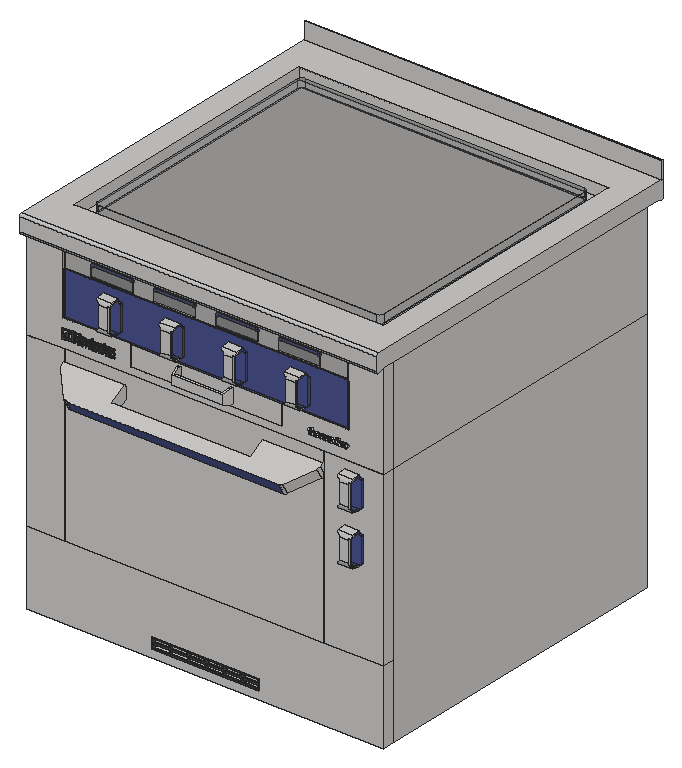
Revit family "QF_ELECTROLUXPROFESSIONAL_588418_MALLFBH8AO", category Attrezzature speciali, Revit 2020 (continued)
Definition of nested family "Front_Panel_W800_Four Knobs"
  Definition of nested family "ELX_Professional_Logo_Small"
    Forms (mm)
      Extrusion 2, solid, material <- "Material_Logo"
        sketch origin (15.5, 0, 0) x (1, 0, 0) y (0, 1, 0)
          loop
            spline (-26.936, -1.713) -> (-27.384, -1.691) -> (-27.805, -1.625) -> (-28.196, -1.518) -> (-28.556, -1.372) -> (-28.882, -1.187) -> (-29.174, -0.966) -> (-29.429, -0.71) -> (-29.645, -0.422) -> (-29.821, -0.102) -> (-29.955, 0.247) -> (-30.045, 0.623) -> (-30.089, 1.026)
            line (-30.089, 1.026) -> (-21.956, 1.026) -> (-21.915, 1.897)
          loop
            spline (-24.446, 2.769) -> (-24.47, 3.075) -> (-24.54, 3.37) -> (-24.654, 3.65) -> (-24.807, 3.913) -> (-24.996, 4.156) -> (-25.219, 4.376) -> (-25.472, 4.57) -> (-25.753, 4.736) -> (-26.057, 4.869) -> (-26.382, 4.968) -> (-26.724, 5.03) -> (-27.081, 5.051)
            spline (-27.081, 5.051) -> (-27.464, 5.03) -> (-27.832, 4.97) -> (-28.183, 4.872) -> (-28.513, 4.74) -> (-28.819, 4.577) -> (-29.099, 4.384) -> (-29.347, 4.165) -> (-29.563, 3.923) -> (-29.742, 3.659) -> (-29.881, 3.377) -> (-29.977, 3.079) -> (-30.027, 2.769)
            line (-30.027, 2.769) -> (-24.446, 2.769)
          loop
            spline (-18.167, 1.669) -> (-18.138, 2.13) -> (-18.055, 2.567) -> (-17.921, 2.978) -> (-17.739, 3.358) -> (-17.512, 3.705) -> (-17.243, 4.016) -> (-16.937, 4.287) -> (-16.596, 4.517) -> (-16.223, 4.7) -> (-15.823, 4.835) -> (-15.398, 4.919) -> (-14.951, 4.947)
            spline (-14.951, 4.947) -> (-14.677, 4.938) -> (-14.414, 4.913) -> (-14.162, 4.871) -> (-13.921, 4.812) -> (-13.69, 4.738) -> (-13.467, 4.649) -> (-13.254, 4.544) -> (-13.048, 4.424) -> (-12.85, 4.291) -> (-12.659, 4.143) -> (-12.474, 3.981) -> (-12.295, 3.806)
            line (-12.295, 3.806) -> (-10.76, 5.403)
            spline (-10.76, 5.403) -> (-11.065, 5.709) -> (-11.38, 5.984) -> (-11.703, 6.228) -> (-12.035, 6.443) -> (-12.375, 6.63) -> (-12.723, 6.788) -> (-13.078, 6.92) -> (-13.44, 7.026) -> (-13.809, 7.107) -> (-14.184, 7.164) -> (-14.564, 7.198) -> (-14.951, 7.209)
            spline (-14.951, 7.209) -> (-15.725, 7.161) -> (-16.467, 7.02) -> (-17.169, 6.792) -> (-17.826, 6.482) -> (-18.43, 6.096) -> (-18.976, 5.637) -> (-19.455, 5.112) -> (-19.862, 4.525) -> (-20.19, 3.882) -> (-20.433, 3.189) -> (-20.584, 2.449) -> (-20.635, 1.669)
            spline (-20.635, 1.669) -> (-20.584, 0.889) -> (-20.433, 0.149) -> (-20.19, -0.545) -> (-19.862, -1.187) -> (-19.455, -1.774) -> (-18.976, -2.299) -> (-18.43, -2.758) -> (-17.826, -3.145) -> (-17.169, -3.454) -> (-16.467, -3.682) -> (-15.725, -3.823) -> (-14.951, -3.871)
            spline (-14.951, -3.871) -> (-14.564, -3.86) -> (-14.184, -3.826) -> (-13.809, -3.77) -> (-13.44, -3.689) -> (-13.078, -3.583) -> (-12.723, -3.451) -> (-12.375, -3.292) -> (-12.035, -3.105) -> (-11.703, -2.89) -> (-11.38, -2.646) -> (-11.065, -2.371) -> (-10.76, -2.066)
            line (-10.76, -2.066) -> (-12.295, -0.468)
            spline (-12.295, -0.468) -> (-12.474, -0.643) -> (-12.659, -0.805) -> (-12.85, -0.953) -> (-13.048, -1.087) -> (-13.254, -1.206) -> (-13.467, -1.311) -> (-13.69, -1.4) -> (-13.921, -1.475) -> (-14.162, -1.533) -> (-14.414, -1.575) -> (-14.677, -1.6) -> (-14.951, -1.609)
            spline (-14.951, -1.609) -> (-15.398, -1.581) -> (-15.823, -1.497) -> (-16.223, -1.362) -> (-16.596, -1.179) -> (-16.937, -0.95) -> (-17.243, -0.678) -> (-17.512, -0.367) -> (-17.739, -0.02) -> (-17.921, 0.36) -> (-18.055, 0.771) -> (-18.138, 1.208) -> (-18.167, 1.669)
          loop
            spline (-4.441, -1.243) -> (-4.659, -1.247) -> (-4.894, -1.23) -> (-5.137, -1.19) -> (-5.384, -1.121) -> (-5.628, -1.021) -> (-5.864, -0.884) -> (-6.084, -0.708) -> (-6.283, -0.488) -> (-6.454, -0.219) -> (-6.592, 0.101) -> (-6.69, 0.478) -> (-6.742, 0.914)
            line (-6.742, 0.914) -> (-6.742, 4.587) -> (-4.487, 4.587) -> (-4.487, 6.838) -> (-6.738, 6.838) -> (-6.738, 10.824) -> (-9.217, 10.824) -> (-9.217, 0.773)
            spline (-9.217, 0.773) -> (-9.164, 0.19) -> (-9.068, -0.358) -> (-8.928, -0.87) -> (-8.742, -1.343) -> (-8.511, -1.777) -> (-8.232, -2.168) -> (-7.904, -2.515) -> (-7.527, -2.816) -> (-7.098, -3.069) -> (-6.618, -3.273) -> (-6.084, -3.426) -> (-5.496, -3.525)
            line (-5.496, -3.525) -> (-4.45, -3.573) -> (-4.441, -1.243)
          loop
            spline (3.898, 6.983) -> (3.469, 7.009) -> (3.056, 7.001) -> (2.661, 6.961) -> (2.283, 6.888) -> (1.925, 6.785) -> (1.588, 6.652) -> (1.272, 6.49) -> (0.979, 6.301) -> (0.71, 6.085) -> (0.465, 5.844) -> (0.247, 5.578) -> (0.056, 5.289)
            line (0.056, 5.289) -> (0.056, 6.838) -> (-2.402, 6.838) -> (-2.402, -3.572) -> (0.056, -3.572) -> (0.056, 1.901)
            spline (0.056, 1.901) -> (0.079, 2.316) -> (0.145, 2.703) -> (0.254, 3.06) -> (0.404, 3.386) -> (0.592, 3.679) -> (0.818, 3.938) -> (1.08, 4.162) -> (1.375, 4.348) -> (1.703, 4.495) -> (2.062, 4.602) -> (2.45, 4.668) -> (2.865, 4.69)
            line (2.865, 4.69) -> (3.898, 4.586) -> (3.898, 6.983)
          loop
            spline (15.638, 1.633) -> (15.586, 2.396) -> (15.435, 3.124) -> (15.192, 3.81) -> (14.863, 4.449) -> (14.455, 5.034) -> (13.975, 5.56) -> (13.43, 6.021) -> (12.826, 6.411) -> (12.17, 6.724) -> (11.469, 6.955) -> (10.729, 7.098) -> (9.958, 7.147)
            spline (9.958, 7.147) -> (9.182, 7.098) -> (8.44, 6.955) -> (7.737, 6.724) -> (7.081, 6.411) -> (6.477, 6.021) -> (5.933, 5.56) -> (5.454, 5.034) -> (5.048, 4.449) -> (4.721, 3.81) -> (4.479, 3.124) -> (4.329, 2.396) -> (4.277, 1.633)
            spline (4.277, 1.633) -> (4.329, 0.869) -> (4.479, 0.141) -> (4.721, -0.544) -> (5.048, -1.183) -> (5.454, -1.768) -> (5.933, -2.294) -> (6.477, -2.755) -> (7.081, -3.145) -> (7.737, -3.459) -> (8.44, -3.69) -> (9.182, -3.833) -> (9.958, -3.882)
            spline (9.958, -3.882) -> (10.729, -3.833) -> (11.469, -3.69) -> (12.17, -3.459) -> (12.826, -3.145) -> (13.43, -2.755) -> (13.975, -2.294) -> (14.455, -1.768) -> (14.863, -1.183) -> (15.192, -0.544) -> (15.435, 0.141) -> (15.586, 0.869) -> (15.638, 1.633)
          loop
            spline (13.18, 1.633) -> (13.151, 2.083) -> (13.067, 2.513) -> (12.932, 2.918) -> (12.748, 3.296) -> (12.52, 3.642) -> (12.251, 3.954) -> (11.943, 4.227) -> (11.601, 4.459) -> (11.228, 4.645) -> (10.828, 4.782) -> (10.403, 4.867) -> (9.958, 4.896)
            spline (9.958, 4.896) -> (9.509, 4.867) -> (9.081, 4.782) -> (8.679, 4.645) -> (8.306, 4.459) -> (7.964, 4.227) -> (7.658, 3.954) -> (7.39, 3.642) -> (7.163, 3.296) -> (6.981, 2.918) -> (6.847, 2.513) -> (6.765, 2.083) -> (6.736, 1.633)
            spline (6.736, 1.633) -> (6.765, 1.182) -> (6.847, 0.753) -> (6.981, 0.347) -> (7.163, -0.031) -> (7.39, -0.377) -> (7.658, -0.689) -> (7.964, -0.962) -> (8.306, -1.193) -> (8.679, -1.38) -> (9.081, -1.517) -> (9.509, -1.602) -> (9.958, -1.631)
            spline (9.958, -1.631) -> (10.403, -1.602) -> (10.828, -1.517) -> (11.228, -1.38) -> (11.601, -1.193) -> (11.943, -0.962) -> (12.251, -0.689) -> (12.52, -0.377) -> (12.748, -0.031) -> (12.932, 0.347) -> (13.067, 0.753) -> (13.151, 1.182) -> (13.18, 1.633)
          loop
            line (17.162, 4.269) -> (17.162, -3.573) -> (19.642, -3.573) -> (19.642, 10.824) -> (17.162, 10.824) -> (17.162, 4.269)
          loop
            line (28.581, 6.838) -> (28.581, 0.786)
            spline (28.581, 0.786) -> (28.561, 0.393) -> (28.503, 0.038) -> (28.409, -0.279) -> (28.281, -0.559) -> (28.122, -0.802) -> (27.933, -1.011) -> (27.717, -1.185) -> (27.476, -1.325) -> (27.213, -1.433) -> (26.929, -1.509) -> (26.626, -1.554) -> (26.308, -1.569)
            spline (26.308, -1.569) -> (25.99, -1.554) -> (25.688, -1.509) -> (25.404, -1.434) -> (25.141, -1.326) -> (24.9, -1.187) -> (24.684, -1.014) -> (24.496, -0.807) -> (24.336, -0.565) -> (24.209, -0.288) -> (24.115, 0.026) -> (24.057, 0.376) -> (24.037, 0.765)
            line (24.037, 0.765) -> (24.037, 6.838) -> (21.537, 6.838) -> (21.537, 0.558)
            spline (21.537, 0.558) -> (21.581, -0.153) -> (21.71, -0.8) -> (21.916, -1.384) -> (22.195, -1.904) -> (22.54, -2.362) -> (22.944, -2.757) -> (23.403, -3.09) -> (23.909, -3.362) -> (24.456, -3.572) -> (25.04, -3.722) -> (25.652, -3.811) -> (26.288, -3.841)
            spline (26.288, -3.841) -> (26.929, -3.811) -> (27.547, -3.72) -> (28.135, -3.568) -> (28.687, -3.355) -> (29.197, -3.079) -> (29.66, -2.741) -> (30.068, -2.341) -> (30.415, -1.877) -> (30.696, -1.349) -> (30.905, -0.757) -> (31.034, -0.101) -> (31.079, 0.621)
            line (31.079, 0.621) -> (31.079, 6.838) -> (28.581, 6.838)
          loop
            line (40.457, -0.243) -> (38.894, 1.942) -> (40.83, 4.579) -> (42.488, 6.837) -> (39.782, 6.837) -> (37.53, 3.719) -> (35.258, 6.837) -> (32.573, 6.837) -> (34.113, 4.731) -> (36.167, 1.922) -> (34.014, -1.076) -> (32.222, -3.573) -> (34.887, -3.573) -> (37.53, 0.104) -> (40.174, -3.573) -> (42.839, -3.573) -> (40.457, -0.243)
          loop
            line (-46.121, -5.837) -> (-48.039, -5.837) -> (-48.039, -10.814) -> (-47.016, -10.814) -> (-47.016, -9.128) -> (-46.121, -9.128)
            arc (-46.121, -9.128) -> (-44.476, -7.482) -> (-46.121, -5.837) r 1.645
          loop
            line (-46.163, -6.778) -> (-47.016, -6.778) -> (-47.016, -8.187) -> (-46.163, -8.187)
            arc (-46.163, -8.187) -> (-45.458, -7.482) -> (-46.163, -6.778) r 0.704
          loop
            line (-38.313, -5.837) -> (-40.265, -5.837) -> (-40.265, -10.814) -> (-39.241, -10.814) -> (-39.241, -9.1) -> (-38.46, -9.182) -> (-37.48, -10.814) -> (-36.318, -10.814) -> (-37.513, -8.848)
            arc (-37.513, -8.848) -> (-36.888, -8.266) -> (-36.671, -7.441) r 1.536
            arc (-36.671, -7.441) -> (-37.165, -6.305) -> (-38.313, -5.837) r 1.643
          loop
            arc (-38.402, -8.166) -> (-37.707, -7.505) -> (-38.334, -6.778) r 0.696
            line (-38.334, -6.778) -> (-39.241, -6.778) -> (-39.241, -8.166) -> (-38.402, -8.166)
          loop
            circle (-29.965, -8.325) r 2.585
          loop
            circle (-29.965, -8.325) r 1.64
          loop
            line (-23.1, -5.837) -> (-23.1, -10.814) -> (-22.076, -10.814) -> (-22.076, -8.768) -> (-20.204, -8.768) -> (-20.204, -7.828) -> (-22.076, -7.828) -> (-22.076, -6.778) -> (-20.024, -6.778) -> (-20.024, -5.837) -> (-23.1, -5.837)
          loop
            line (-15.802, -5.837) -> (-15.802, -9.2)
            arc (-15.802, -9.2) -> (-15.343, -10.34) -> (-14.209, -10.814) r 1.593
            line (-14.209, -10.814) -> (-12.602, -10.814) -> (-12.602, -10.027) -> (-14.004, -10.027)
            arc (-14.004, -10.027) -> (-14.552, -9.8) -> (-14.779, -9.252) r 0.775
            line (-14.779, -9.252) -> (-14.779, -8.424) -> (-12.789, -8.424) -> (-12.789, -7.642) -> (-14.779, -7.642) -> (-14.779, -6.778) -> (-12.651, -6.778) -> (-12.651, -5.837) -> (-15.802, -5.837)
          loop
            line (-5.909, -7.143) -> (-5.173, -6.638)
            arc (-5.173, -6.638) -> (-5.855, -5.974) -> (-6.781, -5.755) r 1.782
            arc (-6.781, -5.755) -> (-7.397, -5.878) -> (-7.944, -6.189) r 1.974
            arc (-7.944, -6.189) -> (-8.202, -6.5) -> (-8.317, -6.888) r 1.013
            arc (-8.317, -6.888) -> (-8.306, -7.341) -> (-8.192, -7.78) r 1.985
            arc (-8.192, -7.78) -> (-7.749, -8.259) -> (-7.171, -8.563) r 1.928
            arc (-7.171, -8.563) -> (-6.637, -8.779) -> (-6.131, -9.056) r 5.041
            arc (-6.131, -9.056) -> (-5.934, -9.387) -> (-6.09, -9.74) r 0.42
            arc (-6.09, -9.74) -> (-6.631, -9.96) -> (-7.204, -9.845) r 1.016
            arc (-7.204, -9.845) -> (-7.625, -9.603) -> (-7.889, -9.196) r 1.033
            line (-7.889, -9.196) -> (-8.67, -9.686)
            arc (-8.67, -9.686) -> (-8.361, -10.198) -> (-7.908, -10.589) r 1.914
            arc (-7.908, -10.589) -> (-7.334, -10.834) -> (-6.714, -10.896) r 2.063
            arc (-6.714, -10.896) -> (-5.947, -10.743) -> (-5.256, -10.376) r 2.696
            arc (-5.256, -10.376) -> (-4.95, -9.565) -> (-5.108, -8.712) r 1.618
            arc (-5.108, -8.712) -> (-5.448, -8.319) -> (-5.884, -8.035) r 1.876
            arc (-5.884, -8.035) -> (-6.434, -7.789) -> (-6.999, -7.577) r 9.883
            arc (-6.999, -7.577) -> (-7.325, -7.07) -> (-6.854, -6.694) r 0.45
            arc (-6.854, -6.694) -> (-6.329, -6.809) -> (-5.909, -7.143) r 1.197
          loop
            line (1.61, -7.143) -> (2.345, -6.638)
            arc (2.345, -6.638) -> (1.663, -5.974) -> (0.737, -5.755) r 1.782
            arc (0.737, -5.755) -> (0.121, -5.878) -> (-0.425, -6.189) r 1.974
            arc (-0.425, -6.189) -> (-0.683, -6.5) -> (-0.799, -6.888) r 1.013
            arc (-0.799, -6.888) -> (-0.788, -7.341) -> (-0.674, -7.78) r 1.985
            arc (-0.674, -7.78) -> (-0.231, -8.259) -> (0.347, -8.563) r 1.928
            arc (0.347, -8.563) -> (0.881, -8.779) -> (1.387, -9.056) r 5.041
            arc (1.387, -9.056) -> (1.584, -9.387) -> (1.428, -9.74) r 0.42
            arc (1.428, -9.74) -> (0.887, -9.96) -> (0.314, -9.845) r 1.016
            arc (0.314, -9.845) -> (-0.107, -9.603) -> (-0.371, -9.196) r 1.033
            line (-0.371, -9.196) -> (-1.152, -9.686)
            arc (-1.152, -9.686) -> (-0.842, -10.198) -> (-0.39, -10.589) r 1.914
            arc (-0.39, -10.589) -> (0.184, -10.834) -> (0.804, -10.896) r 2.063
            arc (0.804, -10.896) -> (1.572, -10.743) -> (2.263, -10.376) r 2.696
            arc (2.263, -10.376) -> (2.568, -9.565) -> (2.411, -8.712) r 1.618
            arc (2.411, -8.712) -> (2.07, -8.319) -> (1.635, -8.035) r 1.876
            arc (1.635, -8.035) -> (1.084, -7.789) -> (0.519, -7.577) r 9.883
            arc (0.519, -7.577) -> (0.193, -7.07) -> (0.665, -6.694) r 0.45
            arc (0.665, -6.694) -> (1.189, -6.809) -> (1.61, -7.143) r 1.197
          loop
            line (6.801, -5.837) -> (6.801, -10.814) -> (7.825, -10.814) -> (7.825, -5.837) -> (6.801, -5.837)
          loop
            circle (14.724, -8.325) r 1.548
          loop
            circle (14.724, -8.325) r 2.585
          loop
            line (21.59, -10.814) -> (22.623, -10.814) -> (22.623, -7.685) -> (24.9, -10.814) -> (25.895, -10.814) -> (25.895, -5.837) -> (24.861, -5.837) -> (24.861, -9.061) -> (22.585, -5.837) -> (21.59, -5.837) -> (21.59, -10.814)
          loop
            line (31.054, -10.814) -> (31.539, -9.74) -> (33.38, -9.74) -> (33.865, -10.814) -> (34.965, -10.814) -> (32.46, -5.837) -> (29.956, -10.814) -> (31.054, -10.814)
          loop
            line (32.46, -7.698) -> (31.999, -8.719) -> (32.921, -8.719) -> (32.46, -7.698)
          loop
            line (40.047, -9.873) -> (40.047, -5.837) -> (39.024, -5.837) -> (39.024, -10.814) -> (41.961, -10.814) -> (41.961, -9.873) -> (40.047, -9.873)
          loop
            line (-74.986, -10.814) -> (-53.322, -10.814) -> (-53.322, 10.82) -> (-74.986, 10.82) -> (-74.986, -10.814)
          loop
            line (-61.261, 9.758) -> (-61.261, -9.707)
            arc (-61.261, -9.707) -> (-54.066, 0.025) -> (-61.261, 9.758) r 10.18
          loop
            line (-62.251, 8.349) -> (-62.251, 9.758)
            arc (-62.251, 9.758) -> (-70.347, 7.918) -> (-74.247, 0.59) r 9.976
            line (-74.247, 0.59) -> (-71.026, 0.59)
            arc (-71.026, 0.59) -> (-65.274, 2.925) -> (-62.251, 8.349) r 9.351
          loop
            arc (-74.247, -0.539) -> (-70.353, -7.928) -> (-62.251, -9.957) r 10.237
            line (-62.251, -9.957) -> (-62.251, -8.298)
            arc (-62.251, -8.298) -> (-65.274, -2.874) -> (-71.026, -0.539) r 9.351
            line (-71.026, -0.539) -> (-74.247, -0.539)
        from 0 to 1.644
    Dimensions and locks
      aligned and locked: plane 2 to Extrusion 1
      aligned and locked: level to Extrusion 1
